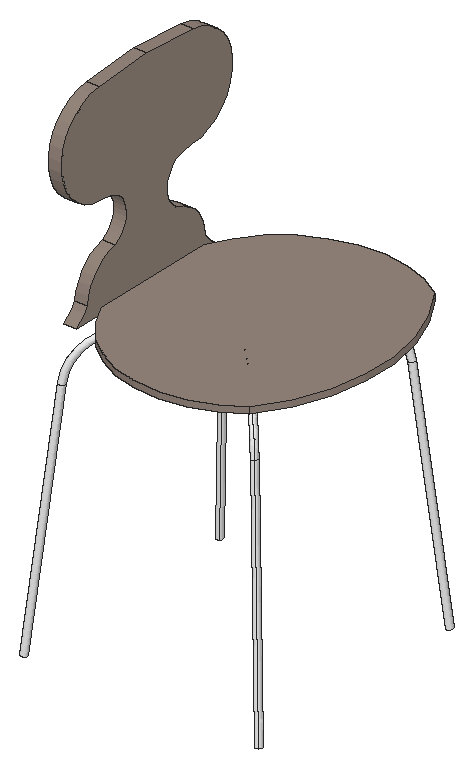
Revit family "Chair 1", category Furniture, Revit 2025
Family settings
  Work Plane-Based = No
  Enable Cutting in Views = No
  Always vertical = Yes
  Cut with Voids When Loaded = No
  Render Appearance Source = Family Geometry
  Shared = No
  Room Calculation Point = No
Parameters (values of type "Type 1C")
  Type Comments = "I"
  Keynote = "C"
  Manufacturer = ""
  Default Elevation = 0 mm
  Bracket Material = Herman Miller - Finish 47 Trivalent Chrome
  Model = ""
  Cushion/Chair Back Material = Herman Miller - Veneer Z5 Maple
  BG_DIM_Width1 [instance] = 1500 mm
  BG_DIM_Height1 [instance] = 900 mm
  BG_DIM_Depth1 [instance] = 300 mm
  Assembly Code = "Ase1"
Types (4, lengths in mm): name | Type Comments | Keynote | BG_DIM_Width1 | BG_DIM_Height1 | BG_DIM_Depth1
  (no name) | "I" | "C" | 1500 | 900 | 300
  Type 1A | "H" | "B" | 1400 | 800 | 200
  Type 1B | "G" | "A" | 1300 | 700 | 100
  Type 1C | "I" | "C" | 1500 | 900 | 300
Reference planes
  plane 1 "Center F/B": y = -198.997
  plane 2: z = 0
  plane 3 "Center L/R": x = -1.022
Forms (mm)
  Sweep 1, solid, material "Herman Miller - Finish 47 Trivalent Chrome" <- "Bracket Material"
    path origin (61.052, -65.204, 45) x (0, 0, -1) y (0.707107, -0.707107, 0)
      loop
        line (45, -82.843) -> (-332.364, -36.508)
        arc (-332.364, -36.508) -> (-382.531, -10.114) -> (-402.615, 42.895) r 80
        line (-402.615, 42.895) -> (-402.615, 181.322)
    profile origin (18.855, -23.007, 188.682) x (-0.701836, 0.701836, 0.121869) y (-0.707107, -0.707107, 0)
      loop
        circle (0, 0) r 5
  Sweep 2, solid, material "Herman Miller - Finish 47 Trivalent Chrome" <- "Bracket Material"
    path origin (57.516, -325.168, 45) x (0, 0, -1) y (0.707107, 0.707107, 0)
      loop
        line (45, -82.843) -> (-332.364, -36.508)
        arc (-332.364, -36.508) -> (-382.531, -10.114) -> (-402.615, 42.895) r 80
        line (-402.615, 42.895) -> (-402.615, 181.322)
    profile origin (15.319, -367.364, 188.682) x (-0.701836, -0.701836, 0.121869) y (0.707107, -0.707107, 0)
      loop
        circle (0, 0) r 5
  Sweep 3, solid, material "Herman Miller - Finish 47 Trivalent Chrome" <- "Bracket Material"
    path origin (303.338, -65.204, 45) x (0, 0, -1) y (0.707107, 0.707107, 0)
      loop
        line (45, 82.843) -> (-332.364, 36.508)
        arc (-332.364, 36.508) -> (-382.531, 10.114) -> (-402.615, -42.895) r 80
        line (-402.615, -42.895) -> (-402.615, -181.322)
    profile origin (345.535, -23.007, 188.682) x (0.701836, 0.701836, 0.121869) y (-0.707107, 0.707107, 0)
      loop
        circle (0, 0) r 5
  Sweep 4, solid, material "Herman Miller - Finish 47 Trivalent Chrome" <- "Bracket Material"
    path origin (306.873, -325.168, 45) x (0, 0, -1) y (0.707107, -0.707107, 0)
      loop
        line (45, 82.843) -> (-332.364, 36.508)
        arc (-332.364, 36.508) -> (-382.531, 10.114) -> (-402.615, -42.895) r 80
        line (-402.615, -42.895) -> (-402.615, -181.322)
    profile origin (349.07, -367.364, 188.682) x (0.701836, -0.701836, 0.121869) y (0.707107, 0.707107, 0)
      loop
        circle (0, 0) r 5
  Extrusion 5, solid, material "Herman Miller - Veneer Z5 Maple" <- "Cushion/Chair Back Material"
    sketch origin (0, 0, 0) x (1, 0, 0) y (0, 1, 0)
      loop
        arc (340, -9.099) -> (152.776, 17.913) -> (32.728, -128.274) r 192.616
        line (32.728, -128.274) -> (32.728, -249.923)
        arc (32.728, -249.923) -> (152.776, -396.11) -> (340, -369.099) r 192.616
        arc (340, -369.099) -> (400.673, -189.099) -> (340, -9.099) r 297.34
    from 450 to 460
  Extrusion 6, solid, material "Herman Miller - Veneer Z5 Maple" <- "Cushion/Chair Back Material"
    sketch origin (390, -409.099, -27.081) x (0, 0, -1) y (0, 1, 0)
      loop
        arc (-498.809, 95.839) -> (-486.21, 86.065) -> (-477.081, 72.99) r 53.087
        line (-477.081, 72.99) -> (-477.081, 347.212)
        arc (-477.081, 347.212) -> (-486.21, 334.138) -> (-498.809, 324.364) r 53.087
        arc (-498.809, 324.364) -> (-539.073, 308.301) -> (-561.143, 270.989) r 67.175
        arc (-561.143, 270.989) -> (-601.737, 249.17) -> (-634.197, 281.887) r 38.521
        line (-634.197, 281.887) -> (-636.604, 298.938)
        arc (-636.604, 298.938) -> (-714.694, 376.726) -> (-796.127, 302.444) r 79.872
        line (-796.127, 302.444) -> (-802.584, 210.101) -> (-796.127, 117.759)
        arc (-796.127, 117.759) -> (-714.694, 43.477) -> (-636.604, 121.265) r 79.872
        line (-636.604, 121.265) -> (-634.197, 138.316)
        arc (-634.197, 138.316) -> (-601.737, 171.033) -> (-561.143, 149.213) r 38.521
        arc (-561.143, 149.213) -> (-539.073, 111.901) -> (-498.809, 95.839) r 67.175
    from -367.272 to -347.272
Dimensions and locks
  aligned and locked: plane 1 "Center F/B" to Extrusion 6
